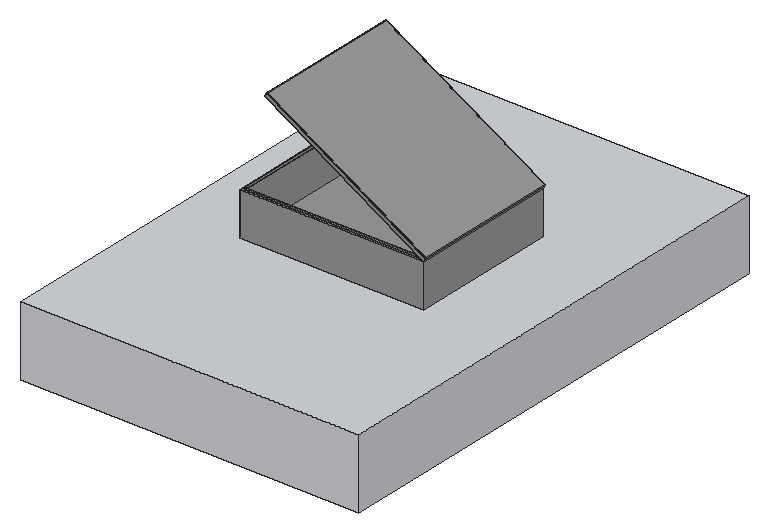
Revit family "Hager-Univers-IP44-D205-H650-Cl.II-Encl-PL-pl", category Equipement électrique, Revit 2020
Family settings
  Hôte = Face
  Configuration du panneau = Deux colonnes, circuits au sein
  Cote de connecteur circulaire = Utiliser le diamètre
  Type d'élément = Tableau de raccordement
  Couper avec des vides une fois chargée = Non
  Partagée = Non
  Point de calcul de pièce = Non
Parameters (values of type "Montaż natynkowy IP44 S800 W650 G205  - FP43SN2")
  Width Control [instance] = if([EF000008 - Szerokość] > Min Width, [EF000008 - Szerokość], Min Width)  # 800 mm
  Commentaires du type = [HG000003 - Zakres]  # "Univers"
  Thickness Door [instance] = if([EF009171 - Drzwi/pokrywa z materiału o wysokiej wytrzymałości mechanicznej] > 3 mm, 3 mm, [EF009171 - Drzwi/pokrywa z materiału o wysokiej wytrzymałości mechanicznej])  # 1 mm
  Seal Frame Offset [instance] = 17 mm  # constant formula
  Plinth Visibility [instance] = [HG000027 - Wysokość cokołu] > 0 mm  # no
  Model = ""
  Min Width [instance] = 100 mm  # constant formula
  Min Height [instance] = 100 mm  # constant formula
  Min Depth [instance] = (2 * [EF009170 - Obudowa z materiału o wysokiej wytrzymałości mechanicznej]) + 1 mm  # 3 mm
  Internal Frame Depth [instance] = (Door System Depth * 0.5)  # 9 mm
  Height Control [instance] = if([EF000040 - Wysokość] > Min Height, [EF000040 - Wysokość], Min Height)  # 650 mm
  HG000027 - Wysokość cokołu = 0 mm
  HG000026 - Stojąca = no
  HG000024 - Wysokość części dolnej = 800 mm
  HG000023 - Obudowa dwusekcyjna = no
  HG000016 - Widoczność drzwi w widoku 3D [instance] = yes
  HG000015 - Przestrzeń robocza - otwarcie drzwi [instance] = no
  HG000014 - Drzwi prawe [instance] = yes
  HG000013 - Drzwi lewe [instance] = not([HG000014 - Drzwi prawe])  # no
  HG000012 - Kąt otwarcia drzwi [instance] = 30.00°
  HG000010 - Drzwi asymetryczne = no
  HG000009 - Drzwi dwuskrzydłowe = no
  HG000006 - Montaż podtynkowy = no
  HG000004 - Referencja producenta = "FP43SN2"
  HG000003 - Zakres = "Univers"
  HG000002 - Z drzwiami lub pokrywą = yes
  Frame Offset Bottom [instance] = 10 mm  # constant formula
  Frame Offset [instance] = 15 mm  # constant formula
  EF015940 - Pokrywa z wyzwalaczem nadciśnieniowym = no
  EF011959 - Stopień ochrony (NEMA) = ""
  EF009554 - Liczba otworów pod flansze = 6
  Fabricant = "Hager"  # constant formula
  EF009212 - Wykonanie pokrywy = "EV000116 - Zamknięty"
  EF009171 - Drzwi/pokrywa z materiału o wysokiej wytrzymałości mechanicznej = 1 mm
  EF009170 - Obudowa z materiału o wysokiej wytrzymałości mechanicznej = 1 mm
  EF008873 - Prąd znamionowy (In) = 250 A
  EF007800 - Do ochrony odgromowej = no
  EF006306 - Z zamkiem = no
  EF006244 - Transparentna pokrywa/drzwi = no
  EF005474 - Stopień ochrony (IP) = "EV006418 - IP44"
  EF004464 - Rodzaj drzwi = "EV002646 - Pojedynczy"
  EF004427 - Liczba modułów = 144
  EF004293 - Odporność udarowa = "EV006815 - IK09"
  EF003532 - Do zastosowań zewnętrznych = no
  EF002950 - Szerokość wyrażona liczbą modułów = 36
  EF001613 - Podtrzymanie funkcji = "EV000494 - Brak"
  EF001596 - Materiał obudowy = "EV000179 - Stal"
  EF001131 - Głębokość wewnętrzna = 143 mm
  EF001088 - Możliwość rozbudowy = yes
  EF000437 - Liczba wejść kablowych = 6
  EF000339 - Rodzaj pokrywy = "EV001012 - Pokrywa"
  EF000266 - Liczba rzędów = 4
  EF000218 - Głębokość wbudowania = 205 mm
  EF000118 - Z płytą montażową = no
  EF000116 - Numer RAL = "9010"
  EF000049 - Głębokość = 205 mm
  EF000040 - Wysokość = 650 mm
  EF000008 - Szerokość = 800 mm
  EF000007 - Kolor = "EV000202 - Biały"
  EF000003 - Sposób montażu = "EV000384 - Montaż natynkowy"
  Door System Leaf Tolerance [instance] = 1.5 mm  # constant formula
  Door System Depth [instance] = 18 mm  # constant formula
  Door Height [instance] = Height Control - [HG000027 - Wysokość cokołu]  # 650 mm
  Depth Control [instance] = if([EF000049 - Głębokość] > Min Depth, [EF000049 - Głębokość], Min Depth)  # 205 mm
  Default Elevation = 0 mm
  Connector Offset [instance] = Height Control / 2  # 325 mm
  Bottom Top Plate Trim [instance] = 1.5 mm  # constant formula
  Plinth height Ctrl [instance] = if([HG000027 - Wysokość cokołu] > 0 mm, [HG000027 - Wysokość cokołu], 12 mm)  # 12 mm
Types (5, lengths in mm): name | Width Control | HG000010 - Drzwi asymetryczne | HG000009 - Drzwi dwuskrzydłowe | HG000004 - Referencja producenta | EF009554 - Liczba otworów pod flansze | EF004464 - Rodzaj drzwi | EF004427 - Liczba modułów | EF002950 - Szerokość wyrażona liczbą modułów | EF000437 - Liczba wejść kablowych | EF000008 - Szerokość
  Montaż natynkowy IP44 S1050 W650 G205  - FP44SN2 | 1050 | no | yes | "FP44SN2" | 8 | "EV003602 - Podwójny" | 192 | 48 | 8 | 1050
  Montaż natynkowy IP44 S1300 W650 G205  - FP45SN2 | 1300 | yes | yes | "FP45SN2" | 10 | "EV003602 - Podwójny" | 240 | 60 | 10 | 1300
  Montaż natynkowy IP44 S300 W650 G205  - FP41SN2 | 300 | no | no | "FP41SN2" | 2 | "EV002646 - Pojedynczy" | 48 | 12 | 2 | 300
  Montaż natynkowy IP44 S550 W650 G205  - FP42SN2 | 550 | no | no | "FP42SN2" | 4 | "EV002646 - Pojedynczy" | 96 | 24 | 4 | 550
  Montaż natynkowy IP44 S800 W650 G205  - FP43SN2 | 800 | no | no | "FP43SN2" | 6 | "EV002646 - Pojedynczy" | 144 | 36 | 6 | 800
Reference planes
  plane 1 "Center (Front/Back)": y = 0
  plane 2: z = 0
  plane 3 "Center (Left/Right)": x = 0
  plane 4: z = 205
  plane 5: y = 1
  plane 6: y = 325
  plane 7: y = 0
  plane 8: y = 650
  plane 9: z = 0
  plane 10: x = -385
  plane 11: x = 385
  plane 12: x = 384
  plane 13: x = -384
  plane 14: y = 649
  plane 15: x = -383
  plane 16: x = -400
  plane 17: x = 383
  plane 18: x = 400
  plane 19: x = 399
  plane 20: x = -399
  plane 21: y = 11
  plane 22: y = 650
  plane 23: y = 634
  plane 24: z = 187
  plane 25: z = 1
  plane 26: z = 186
  plane 27: z = 204
Forms (mm)
  Extrusion 1, solid
    sketch origin (0, 0, 0) x (1, 0, 0) y (0, 1, 0)
      loop
        line (-702.964, 1305) -> (-702.964, -811.445) -> (766.763, -811.445) -> (766.763, 1305) -> (-702.964, 1305)
    from 0 to -304.8
  Extrusion 2, solid, material "Hager_Steel_RAL7035_Light_Grey", visible <- "Plinth Visibility", detail levels medium+fine
    sketch origin (0, 0, 0) x (1, 0, 0) y (0, 1, 0)
      loop
        line (-400, 0) -> (400, 0) -> (400, 12) -> (-400, 12) -> (-400, 0)
    from 0 to 187
  Extrusion 3, solid, material "Hager_Steel_RAL7035_Light_Grey", detail levels medium+fine
    sketch origin (0, 0, 0) x (1, 0, 0) y (0, 1, 0)
      loop
        line (-400, 0) -> (400, 0) -> (400, 650) -> (-400, 650) -> (-400, 0)
    from 0 to 187
  Extrusion 4, void
    sketch origin (0, 0, 0) x (1, 0, 0) y (0, 1, 0)
      loop
        line (-399, 1) -> (399, 1) -> (399, 649) -> (-399, 649) -> (-399, 1)
    from 1 to 186
  Extrusion 5, void
    sketch origin (-381.607, -4572, 187) x (0, -1, 0) y (-1, 0, 0)
      loop
        line (-4583, 2.393) -> (-5206, 2.393) -> (-5206, -765.607) -> (-4583, -765.607) -> (-4583, 2.393)
    from 0 to 1 <- "EF009170 - Obudowa z materiału o wysokiej wytrzymałości mechanicznej"
  Extrusion 6, solid, material "Hager_Steel_RAL7035_Light_Grey", detail levels fine
    sketch origin (0, 0, 187) x (1, 0, 0) y (0, 1, 0)
      loop
        line (-384, 634) -> (-384, 11) -> (384, 11) -> (384, 634) -> (-384, 634)
      loop
        line (-385, 10) -> (385, 10) -> (385, 635) -> (-385, 635) -> (-385, 10)
    from 0 to 9 <- "Internal Frame Depth"
  Extrusion 7, solid, material "Hager_Steel_RAL7035_Light_Grey", detail levels coarse
    sketch origin (0, 0, 0) x (1, 0, 0) y (0, 1, 0)
      loop
        line (-400, 0) -> (400, 0) -> (400, 650) -> (-400, 650) -> (-400, 0)
    from 0 to 205
  Sweep 8, void
    path in 3D
      loop
        line (-400, 12, 0) -> (400, 12, 0) -> (400, 12, 187) -> (-400, 12, 187) -> (-400, 12, 0)
    profile origin (-400, 12, 93.5) x (-1, 0, 0) y (0, -1, 0)
      loop
        line (0, 0) -> (0, 1.5) -> (-1.5, 1.5)
        arc (-1.5, 1.5) -> (-1.061, 0.439) -> (0, 0) r 1.5
Cuts and joins
  Extrusion 4, Extrusion 5 cuts Extrusion 3
  Sweep 8 cuts Extrusion 2
Lines and regions (mm)
  Masking region 1
    outline origin (0, 0, 0) x (1, 0, 0) y (0, 0, 1)
      loop
        line (-400, 205) -> (-400, 0) -> (400, 0) -> (400, 205) -> (-400, 205)
  Masking region 2, detail levels medium+fine
    outline origin (0, 140, 0) x (0, 1, 0) y (0, 0, 1)
      loop
        line (-140, 0) -> (510, 0) -> (510, 187) -> (-140, 187) -> (-140, 0)
  Masking region 3, not visible, detail levels medium+fine
    outline origin (0, 297.922, 0) x (0, 1, 0) y (0, 0, 1)
      loop
        line (38.578, 0) -> (78.578, 0) -> (78.578, 194)
        arc (78.578, 194) -> (75.649, 201.071) -> (68.578, 204) r 10
        line (68.578, 204) -> (38.578, 204) -> (38.578, 0)
  Masking region 4, detail levels coarse
    outline origin (0, 0, 180) x (0, 1, 0) y (0, 0, 1)
      loop
        line (0, -180) -> (650, -180) -> (650, 25) -> (0, 25) -> (0, -180)
  Masking region 5, visible <- "Plinth Visibility", detail levels medium+fine
    outline origin (0, 52.24, 12.345) x (0, 0, -1) y (0, 1, 0)
      loop
        line (10.845, -40.24) -> (-173.155, -40.24)
        arc (-173.155, -40.24) -> (-173.594, -41.301) -> (-174.655, -41.74) r 1.5
        line (-174.655, -41.74) -> (-174.655, -52.24) -> (12.345, -52.24) -> (12.345, -41.74)
        arc (12.345, -41.74) -> (11.285, -41.301) -> (10.845, -40.24) r 1.5
  Masking region 6, detail levels medium+fine
    outline origin (-381.607, -4572, 187) x (-1, 0, 0) y (0, -1, 0)
      loop
        line (18.393, -5222) -> (18.393, -4572) -> (-781.607, -4572) -> (-781.607, -5222) -> (18.393, -5222)
  Masking region 7, visible <- "Plinth Visibility", detail levels medium+fine
    outline origin (-381.607, -4727, 187) x (-1, 0, 0) y (0, -1, 0)
      loop
        arc (16.893, -4739) -> (17.332, -4737.939) -> (18.393, -4737.5) r 1.5
        line (18.393, -4737.5) -> (18.393, -4727) -> (-781.607, -4727) -> (-781.607, -4737.5)
        arc (-781.607, -4737.5) -> (-780.546, -4737.939) -> (-780.107, -4739) r 1.5
        line (-780.107, -4739) -> (16.893, -4739)
  Masking region 8, detail levels coarse
    outline origin (-442.548, -4669.526, 187) x (-1, 0, 0) y (0, -1, 0)
      loop
        line (-42.548, -5319.526) -> (-42.548, -4669.526) -> (-842.548, -4669.526) -> (-842.548, -5319.526) -> (-42.548, -5319.526)
  sketch lines
    curve 1: line (-400, 12, 187) -> (-400, 12, 0)
    curve 2: line (400, 12, 187) -> (-400, 12, 187)
    curve 3: line (400, 12, 187) -> (400, 12, 0)
    curve 4: line (-400, 12, 0) -> (400, 12, 0)
Dimensions and locks
  "Depth Control": plane 4 to Extrusion 1
  "HG000027 - Wysokość cokołu": plane 1 "Center (Front/Back)" to plane 7
  "EF009170 - Obudowa z materiału o wysokiej wytrzymałości mechanicznej": plane 5 to plane 7
  locked: connector elem to plane 3 "Center (Left/Right)"
  equal spacing: plane 8, plane 6, plane 7
  locked: connector elem to plane 6
  "EF009170 - Obudowa z materiału o wysokiej wytrzymałości mechanicznej": plane 8 to plane 14
  "EF009170 - Obudowa z materiału o wysokiej wytrzymałości mechanicznej": plane 10 to plane 13
  "EF009170 - Obudowa z materiału o wysokiej wytrzymałości mechanicznej": plane 12 to plane 11
  "Frame Offset": plane 20 to plane 13
  "Frame Offset": plane 12 to plane 19
  "EF009170 - Obudowa z materiału o wysokiej wytrzymałości mechanicznej": plane 16 to plane 20
  "EF009170 - Obudowa z materiału o wysokiej wytrzymałości mechanicznej": plane 19 to plane 18
  "Seal Frame Offset": plane 16 to plane 15
  "Seal Frame Offset": plane 17 to plane 18
  "Frame Offset Bottom": plane 21 to plane 5
  "Frame Offset": plane 14 to plane 23
  equal spacing: plane 16, plane 3 "Center (Left/Right)", plane 18
  "Width Control": plane 16 to plane 18
  "EF009170 - Obudowa z materiału o wysokiej wytrzymałości mechanicznej": plane 4 to plane 27
  "EF009170 - Obudowa z materiału o wysokiej wytrzymałości mechanicznej": plane 24 to plane 26
  "EF009170 - Obudowa z materiału o wysokiej wytrzymałości mechanicznej": plane 25 to level
  "Door System Depth": plane 4 to plane 24
  "Height Control": plane 1 "Center (Front/Back)" to Extrusion 7 sketch curve
  "Height Control": Masking region 4 sketch curve to plane 1 "Center (Front/Back)"
  "Height Control": plane 1 "Center (Front/Back)" to plane 22
  "Bottom Top Plate Trim": profile plane to Sweep 8 sketch curve
  "Bottom Top Plate Trim": Sweep 8 sketch curve to profile plane
  "Plinth height Ctrl": plane 1 "Center (Front/Back)" to Extrusion 2 sketch curve
  "Plinth height Ctrl": Masking region 5 sketch curve to plane 1 "Center (Front/Back)"
  "Plinth height Ctrl": plane 1 "Center (Front/Back)" to Masking region 7 sketch curve
  "Thickness Door": Extrusion 6 sketch curve to Extrusion 6 sketch curve  (x3)
  "Thickness Door": cut or joined group of Extrusion 3, Extrusion 4, Extrusion 5 to Extrusion 6 sketch curve
  radius of Masking region 3 sketch curve = 10 mm
  "Bottom Top Plate Trim": radius of Masking region 5 sketch curve  (x2)
  "Bottom Top Plate Trim": radius of Sweep 8 sketch curve
  "Bottom Top Plate Trim": radius of Masking region 7 sketch curve  (x2)
  aligned and locked: plane 2 to Extrusion 1
  aligned and locked: level to Extrusion 1
  aligned and locked: level to Masking region 1 sketch curve
  aligned and locked: Masking region 1 sketch curve to plane 18
  aligned and locked: Masking region 1 sketch curve to plane 16
  aligned and locked: plane 7 to Masking region 2 sketch curve
  aligned and locked: level to Masking region 3 sketch curve
  aligned and locked: Masking region 3 sketch curve to plane 27
  aligned and locked: level to Masking region 2 sketch curve
  aligned and locked: plane 1 "Center (Front/Back)" to Extrusion 2 sketch curve
  aligned and locked: Extrusion 3 sketch curve to plane 7
  aligned and locked: plane 16 to Extrusion 3 sketch curve
  aligned and locked: plane 18 to Extrusion 3 sketch curve
  aligned and locked: plane 20 to Extrusion 4 sketch curve
  aligned and locked: plane 19 to Extrusion 4 sketch curve
  aligned and locked: Extrusion 4 sketch curve to plane 5
  aligned and locked: Extrusion 4 to plane 25
  aligned and locked: plane 26 to Extrusion 4
  aligned and locked: plane 24 to Extrusion 3
  aligned and locked: Extrusion 5 sketch curve to plane 21
  aligned and locked: Extrusion 5 sketch curve to plane 13
  aligned and locked: Extrusion 5 sketch curve to plane 12
  aligned and locked: plane 18 to Extrusion 7 sketch curve
  aligned and locked: plane 1 "Center (Front/Back)" to Extrusion 7 sketch curve
  aligned and locked: plane 16 to Extrusion 7 sketch curve
  aligned and locked: plane 4 to Extrusion 7
  aligned and locked: Extrusion 7 to level
  aligned and locked: level to Masking region 4 sketch curve
  aligned and locked: Masking region 4 sketch curve to plane 1 "Center (Front/Back)"
  aligned and locked: Masking region 4 sketch curve to plane 4
  aligned and locked: nested 1 to level
  aligned and locked: nested 1 to plane 16
  aligned and locked: plane 8 to Extrusion 3 sketch curve
  aligned and locked: plane 23 to Extrusion 5 sketch curve
  aligned and locked: plane 14 to Extrusion 4 sketch curve
  aligned and locked: Masking region 2 sketch curve to plane 8
  aligned and locked: level to Masking region 5 sketch curve
  aligned and locked: plane 16 to Extrusion 2 sketch curve
  aligned and locked: plane 18 to Extrusion 2 sketch curve
  aligned and locked: Masking region 5 sketch curve to plane 24
  aligned and locked: Masking region 2 sketch curve to plane 24
  aligned and locked: plane 24 to Extrusion 2
  aligned and locked: profile plane to Sweep 8 sketch curve  (x2)
  aligned and locked: Masking region 6 sketch curve to plane 18
  aligned and locked: Masking region 6 sketch curve to plane 22
  aligned and locked: Masking region 6 sketch curve to plane 16
  aligned and locked: plane 8 to plane 22
  aligned and locked: Masking region 6 sketch curve to plane 7
  aligned and locked: Masking region 7 sketch curve to plane 16
  aligned and locked: Masking region 7 sketch curve to plane 1 "Center (Front/Back)"
  aligned and locked: Masking region 7 sketch curve to plane 18
  aligned and locked: Masking region 8 sketch curve to plane 1 "Center (Front/Back)"
  aligned and locked: Masking region 8 sketch curve to plane 18
  aligned and locked: Masking region 8 sketch curve to plane 22
  aligned and locked: Masking region 8 sketch curve to plane 16
  aligned and locked: nested 2 to plane 7
  aligned and locked: plane 3 "Center (Left/Right)" to nested 2
  aligned and locked: nested 2 to plane 24
  aligned and locked: Extrusion 6 sketch curve to cut or joined group of Extrusion 3, Extrusion 4, Extrusion 5  (x4)
Automatic sketch dimensions
  Extrusion 1 sketch curve to Extrusion 1 sketch curve = 1469.727 mm
  Extrusion 1 sketch curve to Extrusion 1 sketch curve = 2116.445 mm
  Masking region 1 sketch curve to plane 4 = 0 mm
  plane 6 to Masking region 3 sketch curve = 11.5 mm
  Masking region 3 sketch curve to Masking region 3 sketch curve = 30 mm
  Masking region 5 sketch curve to plane 1 "Center (Front/Back)" = 0 mm
Nested families
  nested 1: "Hager_Enclosure_Symbol" at (-400, 0, 0) x (1, 0, 0) z (0, -1, 0), Height <- "Depth Control", Width <- "Width Control", type "Hager_Enclosure_Symbol"
    with Width_Ctrl 800 mm, Width 800 mm, Height_Ctrl 205 mm, Height 205 mm, A_Width_Int 13.453 mm, A_Width 161.438 mm, A_Height_Ctrl 179.375 mm, A_Height 179.375 mm
  nested 2: "EC000058_Univers_Door" at (0, 0, 187) x (1, 0, 0) z (0, 1, 0), Leaf_Tolerance <- "Door System Leaf Tolerance", Angle <- "HG000012 - Kąt otwarcia drzwi", Door_Depth <- "Door System Depth", Door_Left <- "HG000013 - Drzwi lewe", Transparent <- "EF006244 - Transparentna pokrywa/drzwi", Assymetrical <- "HG000010 - Drzwi asymetryczne", Width <- "Width Control", Clearance <- "HG000015 - Przestrzeń robocza - otwarcie drzwi", Double <- "HG000009 - Drzwi dwuskrzydłowe", 3d_Door <- "HG000016 - Widoczność drzwi w widoku 3D", Lock_Visibility <- "EF006306 - Z zamkiem", Width_Ctrl <- "Width Control", Door_Right <- "HG000014 - Drzwi prawe", Door <- "HG000002 - Z drzwiami lub pokrywą", Height <- "Door Height", Thickness <- "Thickness Door", type "EC000058_Univers_Door", detail levels medium+fine
    with min_wh 3 mm, Width_Ctrl 800 mm, Width 800 mm, Transparent no, Thickness 1 mm, Seal_Material Hager_Rubber, Lock_Visibility no, Lock_Material Hager_Plastic_RAL9005_Jet_Black, Leaf_Width 800 mm, Leaf_Tolerance_External_Sides 0 mm, Leaf_Tolerance 1.5 mm, Leaf_Offset 0 mm, Leaf_Height 647 mm, Leaf_2_Width 800 mm, Leaf_2_Offset 400 mm, Leaf_1_Width 800 mm, Leaf_1_Offset 400 mm, Height_Ctrl 650 mm, Height 650 mm, Glass_Material Hager_Glass, Double_Clearance_Ctrl no, Double no, Door_Right_Ctrl yes, Door_Right yes, Door_Material Hager_Steel_RAL7035_Light_Grey, Door_Left_Ctrl no, Door_Left no, Door_Depth 18 mm, Door yes, Clearance_Material Hager_Clearance, Clearance_Depth 800 mm, Clearance_Ctrl no, Clearance no, Assymetrical no, Angle 30.00°, 3d_Door yes
Connectors
  electrical at (0, 325, 0)
    settings: on plane 9, index 1, voltage 0 V, apparent load 0 VA, apparent load phase1 0 VA, apparent load phase2 0 VA, apparent load phase3 0 VA, power factor 1, load classification "Other", number of poles 1, system type 30, power factor state 1, is connector primary yes, connector utility no, sub classification motor no, connector description ""
Definition of nested family "EC000058_Univers_Door"
  Parameters (values of type "EC000058_Univers_Door")
    min_wh [instance] = (2 * Thickness) + 1 mm  # 11 mm
    Width_Ctrl [instance] = 400 mm
    Width [instance] = 500 mm
    Transparent [instance] = yes
    Thickness [instance] = 5 mm
    Seal_Material [instance] = none
    Lock_Visibility [instance] = yes
    Lock_Material [instance] = none
    Leaf_Width [instance] = if((Width_Ctrl - 2 * Leaf_Tolerance_External_Sides) > 0 mm, (Width_Ctrl - 2 * Leaf_Tolerance_External_Sides), min_wh)  # 400 mm
    Leaf_Tolerance_External_Sides [instance] = 0 mm  # constant formula
    Leaf_Tolerance [instance] = 1.5 mm
    Leaf_Offset [instance] = 0 mm  # constant formula
    Leaf_Height [instance] = if((Height_Ctrl - 2 * Leaf_Tolerance) > 0 mm, (Height_Ctrl - 2 * Leaf_Tolerance), min_wh)  # 497 mm
    Leaf_2_Width [instance] = if(and(and(Double, Assymetrical), Door_Left), (Leaf_Width / 3) - (Leaf_Tolerance / 2), if(and(and(Double, Assymetrical), Door_Right), (Leaf_Width / 3) * 2 - (Leaf_Tolerance / 2), if(and(Double, not(Assymetrical)), (Leaf_Width / 2) - Leaf_Tolerance, Leaf_Width)))  # 400 mm
    Leaf_2_Offset [instance] = if(and(Double, Assymetrical), Leaf_2_Width / 2, if(and(Double, not(Assymetrical)), Leaf_Width / 4, Leaf_Width / 2))  # 200 mm
    Leaf_1_Width [instance] = if(and(and(Double, Assymetrical), Door_Right), (Leaf_Width / 3) - (Leaf_Tolerance / 2), if(and(and(Double, Assymetrical), Door_Left), (Width / 3) * 2 - (Leaf_Tolerance / 2), if(and(Double, not(Assymetrical)), (Leaf_Width / 2) - Leaf_Tolerance, Leaf_Width)))  # 400 mm
    Leaf_1_Offset [instance] = if(and(Double, Assymetrical), Leaf_1_Width / 2, if(and(Double, not(Assymetrical)), Leaf_Width / 4, Leaf_Width / 2))  # 200 mm
    Height_Ctrl [instance] = if(Height > min_wh, Height, min_wh)  # 500 mm
    Height [instance] = 500 mm
    Glass_Material [instance] = none
    Double_Clearance_Ctrl [instance] = and(Double, Clearance)  # no
    Double [instance] = no
    Door_Right_Ctrl [instance] = and(or(Door_Right, Double), Door)  # yes
    Door_Right [instance] = yes
    Door_Material [instance] = none
    Door_Left_Ctrl [instance] = and(or(Door_Left, Double), Door)  # no
    Door_Left [instance] = no
    Door_Depth [instance] = 30 mm
    Door [instance] = yes
    Default Elevation = 1219.2 mm
    Clearance_Material [instance] = none
    Clearance_Depth [instance] = if(Leaf_1_Width > Leaf_2_Width, Leaf_1_Width, Leaf_2_Width)  # 400 mm
    Clearance_Ctrl [instance] = and(not(Double), Clearance)  # yes
    Clearance [instance] = yes
    Assymetrical [instance] = yes
    Angle [instance] = 30.00°
    3d_Door [instance] = yes
  Reference planes
    plane 1 "Center (Front/Back)": y = 0
    plane 2 "Bottom": z = 0
    plane 3 "Center (Left/Right)": x = 0
    plane 4: z = 500
    plane 5: x = -200
    plane 6: x = 200
    plane 7: z = 500
    plane 8: x = -200
    plane 9: z = 0
    plane 10: x = 200
    plane 11: y = 0
    plane 12: z = 1.5
    plane 13: x = -600
    plane 14: y = -400
    plane 15: x = 600
    plane 16: x = 0
    plane 17: x = 0
    plane 18: x = -200
    plane 19: x = 200
    plane 20: z = 498.5
  Forms (mm)
    Extrusion 1, solid, material <- "Clearance_Material", visible <- "Double_Clearance_Ctrl"
      sketch origin (1200, 0, 0) x (1, 0, 0) y (0, 0, -1)
        loop
          line (-1800, -498.5) -> (-600, -498.5) -> (-600, 0) -> (-1800, 0) -> (-1800, -498.5)
      from 0 to -400
  Dimensions and locks
    equal spacing: plane 5, plane 3 "Center (Left/Right)", plane 6
    "Width_Ctrl": plane 5 to plane 6
    "Leaf_Offset": plane 5 to plane 8
    "Leaf_Offset": plane 6 to plane 10
    "Leaf_Offset": plane 9 to level
    "Leaf_Offset": plane 4 to plane 7
    "Height_Ctrl": plane 4 to level
    "Leaf_Tolerance": plane 12 to plane 9
    locked: plane 11 to plane 1 "Center (Front/Back)"
    "Leaf_1_Offset": plane 18 to plane 16
    "Leaf_2_Offset": plane 17 to plane 19
    "Leaf_1_Width": plane 13 to plane 8
    "Leaf_2_Width": plane 10 to plane 15
    "Clearance_Depth": plane 14 to plane 1 "Center (Front/Back)"
    "Leaf_Tolerance_External_Sides": plane 8 to plane 18
    "Leaf_Tolerance_External_Sides": plane 19 to plane 10
    "Leaf_Tolerance": plane 7 to plane 20
    aligned and locked: level to plane 2 "Bottom"
    aligned and locked: nested 1 to plane 16
    aligned and locked: nested 2 to plane 17
    aligned and locked: Extrusion 1 to plane 13
    aligned and locked: plane 15 to Extrusion 1
    aligned and locked: Extrusion 1 to plane 14
    aligned and locked: plane 12 to nested 1
    aligned and locked: nested 2 to plane 12
    aligned and locked: Extrusion 1 to plane 11
    aligned and locked: plane 20 to Extrusion 1
    aligned and locked: nested 2 to plane 11
    aligned and locked: nested 1 to plane 11
  Automatic sketch dimensions
    Extrusion 1 sketch curve to level = 0 mm
    plane 5 to Extrusion 1 sketch curve = 400 mm
    plane 6 to Extrusion 1 sketch curve = 400 mm
    Extrusion 1 sketch curve to plane 4 = 1.5 mm
  Nested families
    nested 1: "EC000058_Univers_Door_Leaf" at (0, 0, 1.5), Width <- "Leaf_1_Width", visible <- "Door_Left_Ctrl", Leaf_Height <- "Leaf_Height", Angle <- "Angle", 3d_Door <- "3d_Door", Transparent <- "Transparent", Clearance Material <- "Clearance_Material", Clearance <- "Clearance_Ctrl", Door_Material <- "Door_Material", Glass_Material <- "Glass_Material", Door_Depth <- "Door_Depth", Lock_Material <- "Lock_Material", Seal_Material <- "Seal_Material", Lock_Visibility <- "Lock_Visibility", Thickness <- "Thickness", type "EC000058_Univers_Door_Leaf"
      with Width 400 mm, Transparent_Glass_Offset 30 mm, Transparent_Ctrl yes, Transparent yes, Thickness 5 mm, Standard no, Seal_Material none, Seal_D2 8 mm, Seal_D1 1 mm, Offset_Internal_Frame 10 mm, Lock_Width 20 mm, Lock_Visibility_3d yes, Lock_Visibility yes, Lock_Thickness_3 3 mm, Lock_Thickness_2 1 mm, Lock_Thickness_1 3 mm, Lock_Radius_Offset_2 16 mm, Lock_Radius_Offset_1 15 mm, Lock_Radius_2 5 mm, Lock_Radius 6 mm, Lock_Offset 5 mm, Lock_Material none, Lock_Height 80 mm, Lock_Cover_Top_Offset_2d 17 mm, Lock_Cover_Height -65 mm, Leaf_Height 497 mm, Internal_Seal_Thickness 8 mm, Internal_Seal_Depth_2 4.5 mm, Internal_Frame_Depth 25 mm, Glass_Thickness -1 mm, Glass_Offset -2 mm, Glass_Material none, Door_Material none, Door_Depth 30 mm, Clearance Material none, Clearance yes, Angle_Ctrl 30.00°, Angle 30.00°, 3d_Door yes
    nested 2: "EC000058_Univers_Door_Leaf" at (0, 0, 1.5) x (-1, 0, 0) z (0, 0, 1), Width <- "Leaf_2_Width", visible <- "Door_Right_Ctrl", Leaf_Height <- "Leaf_Height", Angle <- "Angle", 3d_Door <- "3d_Door", Transparent <- "Transparent", Clearance Material <- "Clearance_Material", Clearance <- "Clearance_Ctrl", Door_Material <- "Door_Material", Glass_Material <- "Glass_Material", Door_Depth <- "Door_Depth", Lock_Material <- "Lock_Material", Seal_Material <- "Seal_Material", Lock_Visibility <- "Lock_Visibility", Thickness <- "Thickness", type "EC000058_Univers_Door_Leaf"
      with Width 400 mm, Transparent_Glass_Offset 30 mm, Transparent_Ctrl yes, Transparent yes, Thickness 5 mm, Standard no, Seal_Material none, Seal_D2 8 mm, Seal_D1 1 mm, Offset_Internal_Frame 10 mm, Lock_Width 20 mm, Lock_Visibility_3d yes, Lock_Visibility yes, Lock_Thickness_3 3 mm, Lock_Thickness_2 1 mm, Lock_Thickness_1 3 mm, Lock_Radius_Offset_2 16 mm, Lock_Radius_Offset_1 15 mm, Lock_Radius_2 5 mm, Lock_Radius 6 mm, Lock_Offset 5 mm, Lock_Material none, Lock_Height 80 mm, Lock_Cover_Top_Offset_2d 17 mm, Lock_Cover_Height -65 mm, Leaf_Height 497 mm, Internal_Seal_Thickness 8 mm, Internal_Seal_Depth_2 4.5 mm, Internal_Frame_Depth 25 mm, Glass_Thickness -1 mm, Glass_Offset -2 mm, Glass_Material none, Door_Material none, Door_Depth 30 mm, Clearance Material none, Clearance yes, Angle_Ctrl 30.00°, Angle 30.00°, 3d_Door yes
  Definition of nested family "EC000058_Univers_Door_Leaf"
    Parameters (values of type "EC000058_Univers_Door_Leaf")
      Width [instance] = 2000 mm
      Transparent_Glass_Offset [instance] = 30 mm
      Transparent_Ctrl [instance] = and(Transparent, [3d_Door])  # yes
      Transparent [instance] = yes
      Thickness [instance] = 5 mm
      Standard [instance] = and(not(Transparent), [3d_Door])  # no
      Seal_Material [instance] = none
      Seal_D2 [instance] = 8 mm  # constant formula
      Seal_D1 [instance] = 1 mm  # constant formula
      Offset_Internal_Frame [instance] = 10 mm  # constant formula
      Lock_Width [instance] = 20 mm  # constant formula
      Lock_Visibility_3d [instance] = and(Lock_Visibility, [3d_Door])  # yes
      Lock_Visibility [instance] = yes
      Lock_Thickness_3 [instance] = 3 mm  # constant formula
      Lock_Thickness_2 [instance] = 1 mm  # constant formula
      Lock_Thickness_1 [instance] = 3 mm  # constant formula
      Lock_Radius_Offset_2 [instance] = Lock_Radius_Offset_1 + 1 mm  # 16 mm
      Lock_Radius_Offset_1 [instance] = 15 mm  # constant formula
      Lock_Radius_2 [instance] = Lock_Radius - 1 mm  # 5 mm
      Lock_Radius [instance] = 6 mm  # constant formula
      Lock_Offset [instance] = 5 mm  # constant formula
      Lock_Material [instance] = none
      Lock_Height [instance] = 80 mm  # constant formula
      Lock_Cover_Top_Offset_2d [instance] = Lock_Radius_Offset_2 + 1 mm  # 17 mm
      Lock_Cover_Height [instance] = -(Lock_Height - Lock_Radius_Offset_1)  # -65 mm
      Leaf_Height [instance] = 2720.336 mm
      Internal_Seal_Thickness [instance] = 8 mm  # constant formula
      Internal_Seal_Depth_2 [instance] = 4.5 mm  # constant formula
      Internal_Frame_Depth [instance] = if(Door_Depth - Thickness > 5 mm, Door_Depth - Thickness, 5 mm)  # 25 mm
      Glass_Thickness [instance] = if(Thickness > 15 mm, Glass_Offset + 10 mm, -1 mm)  # -1 mm
      Glass_Offset [instance] = if(Thickness > 15 mm, -(Thickness + 10 mm) / 2, -2 mm)  # -2 mm
      Glass_Material [instance] = none
      Door_Material [instance] = none
      Door_Depth [instance] = 30 mm
      Default Elevation = 0 mm
      Clearance Material [instance] = none
      Clearance [instance] = yes
      Angle_Ctrl [instance] = if(Angle > 180.00°, 180.00°, Angle)  # 90.00°
      Angle [instance] = 90.00°
      3d_Door [instance] = yes
    Reference planes
      plane 1 "Center (Front/Back)": y = 0
      plane 2: z = 0
      plane 3 "Center (Left/Right)": x = 0
      plane 4: y = 2000
      plane 5: x = -1000
      plane 6: x = 1000
      plane 7: x = -3000
      plane 8: z = 2720.336
      plane 9: z = 30
      plane 10: z = 2690.336
      plane 11: x = 970
      plane 12: x = -970
      plane 13: y = -3
      plane 14: z = 107.833
      plane 15: y = -5
      plane 16: y = -223.314
      plane 17: x = -1000
      plane 18: z = 1360.168
      plane 19: y = 30
    Forms (mm)
      Extrusion 1, solid, material <- "Clearance Material", visible <- "Clearance"
        sketch origin (0, 0, 0) x (1, 0, 0) y (0, 0, 1)
          loop
            line (-3000, 2720.336) -> (-3000, 0) -> (1000, 0) -> (1000, 2720.336) -> (-3000, 2720.336)
        from 0 to -2000
      Extrusion 2, solid, material <- "Door_Material", visible <- "Standard", detail levels medium+fine
        sketch origin (-1000, 0, 0) x (0, 1, 0) y (-1, 0, 0)
          loop
            line (0, 30) -> (0, 25) -> (2000, 25) -> (2000, 30) -> (0, 30)
        from 0 to 2720.336 <- "Leaf_Height"
      Extrusion 3, solid, material <- "Door_Material", visible <- "Transparent_Ctrl", detail levels medium+fine
        sketch origin (-1000, 0, 0) x (0, 1, 0) y (-1, 0, 0)
          loop
            line (0, 25) -> (2000, 25) -> (2000, 30) -> (0, 30) -> (0, 25)
        from 0 to 2720.336 <- "Leaf_Height"
      Extrusion 4, void
        sketch origin (-1025, 2000, 0) x (0, 1, 0) y (0, 0, -1)
          loop
            line (-30, -2690.336) -> (-30, -30) -> (-1970, -30) -> (-1970, -2690.336) -> (-30, -2690.336)
        from 0 to 5 <- "Thickness"
      Sweep 5, solid, material <- "Seal_Material", visible <- "Transparent_Ctrl", detail levels fine
        path in 3D
          loop
            line (-1025, 30, 30) -> (-1025, 30, 2690.336) -> (-1025, 1970, 2690.336) -> (-1025, 1970, 30) -> (-1025, 30, 30)
        profile origin (-1025, 1000, 30) x (1, 0, 0) y (0, 0, 1)
          loop
            line (0, 0) -> (0, -8) -> (1, -8) -> (1, 0) -> (0, 0)
      Extrusion 6, solid, material <- "Glass_Material", visible <- "Transparent_Ctrl", detail levels medium+fine
        sketch origin (-1030, 0, 0) x (0, 1, 0) y (0, 0, -1)
          loop
            line (1970, -2690.336) -> (1970, -30) -> (30, -30) -> (30, -2690.336) -> (1970, -2690.336)
        from -2 <- "Glass_Offset" to -1 <- "Glass_Thickness"
      Extrusion 7, solid, material <- "Door_Material", visible <- "3d_Door", detail levels medium+fine
        sketch origin (-1025, 2000, 0) x (0, -1, 0) y (0, 0, -1)
          loop
            line (0, -2720.336) -> (2000, -2720.336) -> (2000, 0) -> (0, 0) -> (0, -2720.336)
          loop
            line (1995, -5) -> (5, -5) -> (5, -2715.336) -> (1995, -2715.336) -> (1995, -5)
        from 0 to 25 <- "Internal_Frame_Depth"
      Sweep 8, solid, material <- "Seal_Material", visible <- "Transparent_Ctrl", detail levels fine
        path in 3D
          loop
            line (-1025, 0, 0) -> (-1025, 2000, 0) -> (-1025, 2000, 2720.336) -> (-1025, 0, 2720.336) -> (-1025, 0, 0)
        profile origin (-1025, 0, 1360.168) x (1, 0, 0) y (0, 1, 0)
          loop
            line (0, 10) -> (2.975, 10)
            arc (2.975, 10) -> (4.053, 10.447) -> (4.5, 11.525) r 1.525
            line (4.5, 11.525) -> (4.5, 16.527)
            arc (4.5, 16.527) -> (4.069, 17.569) -> (3.027, 18) r 1.473
            line (3.027, 18) -> (0, 18) -> (0, 10)
      Extrusion 9, solid, material <- "Lock_Material", visible <- "Lock_Visibility_3d", detail levels fine
        sketch origin (-1030, 0, 0) x (0, 1, 0) y (0, 0, -1)
          loop
            arc (1993.5, -1400.168) -> (1994.561, -1399.729) -> (1995, -1398.668) r 1.5
            line (1995, -1398.668) -> (1995, -1320.168) -> (1975, -1320.168) -> (1975, -1398.668)
            arc (1975, -1398.668) -> (1975.439, -1399.729) -> (1976.5, -1400.168) r 1.5
            line (1976.5, -1400.168) -> (1993.5, -1400.168)
        from 3 <- "Lock_Thickness_1" to 0
      Blend 10, solid, material <- "Lock_Material", visible <- "Lock_Visibility_3d", detail levels fine
        base sketch origin (-1033, 0, 0) x (0, 1, 0) y (0, 0, -1)
          loop
            line (1975, -1320.168) -> (1975, -1398.668)
            arc (1975, -1398.668) -> (1975.439, -1399.729) -> (1976.5, -1400.168) r 1.5
            line (1976.5, -1400.168) -> (1993.5, -1400.168)
            arc (1993.5, -1400.168) -> (1994.561, -1399.729) -> (1995, -1398.668) r 1.5
            line (1995, -1398.668) -> (1995, -1320.168) -> (1975, -1320.168)
        top sketch origin (-1033, 0, 0) x (0, 1, 0) y (0, 0, -1)
          loop
            line (1976, -1320.168) -> (1976, -1398.668)
            arc (1976, -1398.668) -> (1976.146, -1399.022) -> (1976.5, -1399.168) r 0.5
            line (1976.5, -1399.168) -> (1993.5, -1399.168)
            arc (1993.5, -1399.168) -> (1993.854, -1399.022) -> (1994, -1398.668) r 0.5
            line (1994, -1398.668) -> (1994, -1320.168) -> (1976, -1320.168)
        from 0 to 1 <- "Lock_Thickness_2"
      Blend 11, solid, material <- "Lock_Material", visible <- "Lock_Visibility_3d", detail levels fine
        base sketch origin (-1034, 0, 0) x (0, 1, 0) y (0, 0, -1)
          loop
            line (1978, -1320.168) -> (1978, -1384.168)
            arc (1978, -1384.168) -> (1985, -1391.168) -> (1992, -1384.168) r 7
            line (1992, -1384.168) -> (1992, -1320.168) -> (1978, -1320.168)
        top sketch origin (-1034, 0, 0) x (0, 1, 0) y (0, 0, -1)
          loop
            line (1991, -1320.168) -> (1979, -1320.168) -> (1979, -1383.168)
            arc (1979, -1383.168) -> (1985, -1389.168) -> (1991, -1383.168) r 6
            line (1991, -1383.168) -> (1991, -1320.168)
        from 0 to 3 <- "Lock_Thickness_3"
      Extrusion 12, solid, material <- "Lock_Material", visible <- "Lock_Visibility_3d", detail levels fine
        sketch origin (-1030, 1975, 1320.168) x (1, 0, 0) y (0, -1, 0)
          loop
            line (-7, -19) -> (-7, -1) -> (0, -1) -> (0, 0) -> (-8, 0) -> (-8, -20) -> (0, -20) -> (0, -19) -> (-7, -19)
        from 0 to -65 <- "Lock_Cover_Height"
      Extrusion 13, void
        sketch origin (-1038, 1995, 1320.168) x (-1, 0, 0) y (0, 0, -1)
          loop
            line (-5, -65) -> (0, -65) -> (-5, -60) -> (-5, -65)
        from 0 to 20 <- "Lock_Width"
      Extrusion 14, void
        sketch origin (-1038, 1975, 1320.168) x (0, -1, 0) y (0, 0, -1)
          loop
            circle (-10, -15.995) r 6
          loop
            circle (-10, -15.995) r 5
        from 0 to 2
      Extrusion 15, solid, material <- "Lock_Material", visible <- "Lock_Visibility_3d", detail levels medium
        sketch origin (-1030, 0, 0) x (0, 1, 0) y (0, 0, -1)
          loop
            arc (1993.5, -1400.168) -> (1994.561, -1399.729) -> (1995, -1398.668) r 1.5
            line (1995, -1398.668) -> (1995, -1320.168) -> (1975, -1320.168) -> (1975, -1398.668)
            arc (1975, -1398.668) -> (1975.439, -1399.729) -> (1976.5, -1400.168) r 1.5
            line (1976.5, -1400.168) -> (1993.5, -1400.168)
        from 8 to 0
    Cuts and joins
      Extrusion 4 cuts Extrusion 3
      Extrusion 13, Extrusion 14 cuts Extrusion 9
      Extrusion 14 cuts Blend 11
      Extrusion 13, Extrusion 14 cuts Extrusion 12
      joined: Extrusion 9, Blend 10, Blend 11, Extrusion 12
      Extrusion 14 cuts Extrusion 15
    Lines and regions (mm)
      Masking region 1, visible <- "Lock_Visibility", detail levels fine
        outline origin (0, 0, 0) x (0, 1, 0) y (0, 0, 1)
          loop
            line (30, 1320.168) -> (33, 1320.168) -> (33, 1400.168) -> (30, 1400.168) -> (30, 1320.168)
      Masking region 2, visible <- "Lock_Visibility", detail levels fine
        outline origin (0, 3.143, 0) x (0, 1, 0) y (0, 0, 1)
          loop
            line (29.857, 1354.168) -> (30.857, 1354.168) -> (30.857, 1366.168) -> (29.857, 1366.168) -> (29.857, 1354.168)
      Masking region 3, detail levels medium+fine
        outline origin (0, 0, 0) x (0, 1, 0) y (0, 0, 1)
          loop
            line (0, 0) -> (30, 0) -> (30, 2720.336) -> (0, 2720.336) -> (0, 0)
      Masking region 4, detail levels medium+fine
        outline origin (0, 0, 0) x (1, 0, 0) y (0, 0, 1)
          loop
            line (-1000, 2720.336) -> (-1000, 0) -> (1000, 0) -> (1000, 2720.336) -> (-1000, 2720.336)
      Masking region 5, visible <- "Lock_Visibility", detail levels fine
        outline origin (-47.116, 0, 0) x (1, 0, 0) y (0, 0, 1)
          loop
            arc (1024.616, 1399.168) -> (1023.556, 1398.729) -> (1023.116, 1397.668) r 1.5
            line (1023.116, 1397.668) -> (1023.116, 1320.168) -> (1041.116, 1320.168) -> (1041.116, 1397.668)
            arc (1041.116, 1397.668) -> (1040.677, 1398.729) -> (1039.616, 1399.168) r 1.5
            line (1039.616, 1399.168) -> (1024.616, 1399.168)
      Masking region 6, visible <- "Lock_Visibility", detail levels medium+fine
        outline origin (-25, 0, 0) x (1, 0, 0) y (0, 0, 1)
          loop
            arc (1001.5, 1400.168) -> (1000.439, 1399.729) -> (1000, 1398.668) r 1.5
            line (1000, 1398.668) -> (1000, 1320.168) -> (1020, 1320.168) -> (1020, 1398.668)
            arc (1020, 1398.668) -> (1019.561, 1399.729) -> (1018.5, 1400.168) r 1.5
            line (1018.5, 1400.168) -> (1001.5, 1400.168)
      Masking region 7, visible <- "Lock_Visibility", detail levels fine
        outline origin (-73.735, 0, 0) x (1, 0, 0) y (0, 0, 1)
          loop
            line (1051.735, 1382.168) -> (1065.735, 1382.168) -> (1065.735, 1384.168)
            arc (1065.735, 1384.168) -> (1058.735, 1391.168) -> (1051.735, 1384.168) r 7
            line (1051.735, 1384.168) -> (1051.735, 1382.168)
      Masking region 8, visible <- "Lock_Visibility", detail levels fine
        outline origin (-73.735, 0, 0) x (1, 0, 0) y (0, 0, 1)
          loop
            line (1052.735, 1382.168) -> (1064.735, 1382.168) -> (1064.735, 1383.168)
            arc (1064.735, 1383.168) -> (1058.735, 1389.168) -> (1052.735, 1383.168) r 6
            line (1052.735, 1383.168) -> (1052.735, 1382.168)
      Masking region 9, visible <- "Lock_Visibility", detail levels fine
        outline origin (-25, 0, 0) x (1, 0, 0) y (0, 0, 1)
          loop
            line (1020, 1320.168) -> (1020, 1382.168) -> (1000, 1382.168) -> (1000, 1320.168) -> (1020, 1320.168)
      Masking region 10, detail levels medium+fine
        outline origin (0, 0, 0) x (1, 0, 0) y (0, 0, 1)
          loop
            circle (985, 1335.144) r 6
      Masking region 11, detail levels fine
        outline origin (0, 0, 0) x (1, 0, 0) y (0, 0, 1)
          loop
            circle (985, 1335.144) r 5
      Masking region 12, visible <- "Lock_Visibility", detail levels fine
        outline origin (0, 12.767, 0) x (0, 1, 0) y (0, 0, 1)
          loop
            line (20.233, 1320.168) -> (21.233, 1320.168) -> (21.233, 1399.168) -> (20.233, 1400.168) -> (20.233, 1320.168)
      Masking region 13, visible <- "Lock_Visibility", detail levels fine
        outline origin (0, 13.767, -10) x (0, 1, 0) y (0, 0, 1)
          loop
            line (20.233, 1330.168) -> (23.233, 1330.168) -> (23.233, 1399.168) -> (20.233, 1402.168) -> (20.233, 1330.168)
      Masking region 14, visible <- "Lock_Visibility", detail levels fine
        outline origin (0, 12.767, -10) x (0, 1, 0) y (0, 0, 1)
          loop
            line (20.233, 1330.168) -> (25.233, 1330.168) -> (25.233, 1399.305) -> (20.233, 1394.305) -> (20.233, 1330.168)
      Masking region 15, visible <- "Lock_Visibility", detail levels medium
        outline origin (0, 0, 0) x (0, 1, 0) y (0, 0, 1)
          loop
            line (30, 1320.168) -> (38, 1320.168) -> (38, 1400.168) -> (30, 1400.168) -> (30, 1320.168)
      Masking region 16, visible <- "Lock_Visibility", detail levels fine
        outline origin (-1000, 0, 0) x (0, 1, 0) y (-1, 0, 0)
          loop
            line (1975, 30) -> (1995, 30) -> (1995, 38) -> (1975, 38) -> (1975, 30)
          loop
            line (1979, 37) -> (1976, 37) -> (1976, 34) -> (1978, 34) -> (1979, 37)
          loop
            line (1994, 37) -> (1991, 37) -> (1992, 34) -> (1994, 34) -> (1994, 37)
      Masking region 17, visible <- "Lock_Visibility", detail levels medium
        outline origin (-1000, 0, 0) x (0, 1, 0) y (-1, 0, 0)
          loop
            line (1975, 30) -> (1995, 30) -> (1995, 38) -> (1975, 38) -> (1975, 30)
      symbolic lines
        curve 1: line (1000, 0, 0) -> (-3000, 0, 0)
        curve 2: arc (1000, 0, 0) -> (-1000, 2000, 0) -> (-3000, 0, 0) r 2000
        curve 4: line (-1030, 0, 0) -> (-1030, 2000, 0)
      reference lines
        curve 3: line (-1000, 0, 0) -> (-1000, 2000, 0)
      symbolic lines, detail levels medium+fine
        curve 5: line (-1030, 2000, 0) -> (-1025, 2000, 0)
        curve 7: line (-1025, 0, 0) -> (-1030, 0, 0)
        curve 8: line (-1025, 0, 0) -> (-1000, 0, 0)
        curve 9: line (-1000, 0, 0) -> (-1000, 2000, 0)
        curve 10: line (-1000, 2000, 0) -> (-1025, 2000, 0)
      symbolic lines, detail levels fine
        curve 6: line (-1025, 2000, 0) -> (-1025, 0, 0)
      sketch lines
        curve 11: line (-1025, 0, 2720.336) -> (-1025, 0, 0)
        curve 12: line (-1025, 2000, 0) -> (-1025, 0, 0)
        curve 13: line (-1025, 2000, 2720.336) -> (-1025, 2000, 0)
        curve 14: line (-1025, 0, 2720.336) -> (-1025, 2000, 2720.336)
        curve 15: line (-1025, 1970, 30) -> (-1025, 30, 30)
        curve 16: line (-1025, 30, 30) -> (-1025, 30, 2690.336)
        curve 17: line (-1025, 1970, 2690.336) -> (-1025, 1970, 30)
        curve 18: line (-1025, 30, 2690.336) -> (-1025, 1970, 2690.336)
      symbolic lines, visible <- "Transparent", detail levels medium+fine
        curve 19: line (-970, 0, 2690.336) -> (970, 0, 2690.336)
        curve 20: line (-970, 0, 30) -> (-970, 0, 2690.336)
        curve 21: line (970, 0, 30) -> (-970, 0, 30)
        curve 22: line (970, 0, 2690.336) -> (970, 0, 30)
    Dimensions and locks
      "Width": plane 1 "Center (Front/Back)" to plane 4
      equal spacing: plane 5, plane 3 "Center (Left/Right)", plane 6
      "Width": plane 5 to plane 6
      "Width": plane 7 to plane 5
      "Leaf_Height": plane 8 to level
      "Width": curve 5 to curve 3
      "Width": curve 3 to curve 3
      plane 8 to plane 10 = 30 mm
      plane 9 to level = 30 mm
      plane 12 to plane 5 = 30 mm
      plane 6 to plane 11 = 30 mm
      Extrusion 1 to Extrusion 4 sketch curve = 30 mm
      "Transparent_Glass_Offset": curve 3 to Extrusion 4 sketch curve
      "Transparent_Glass_Offset": Extrusion 4 sketch curve to cut or joined group of Extrusion 3, Extrusion 4  (x2)
      cut or joined group of Extrusion 3, Extrusion 4 to Extrusion 6 sketch curve = 30 mm
      "Transparent_Glass_Offset": cut or joined group of Extrusion 3, Extrusion 4 to Extrusion 4 sketch curve
      "Thickness": curve 6 to curve 4
      "Thickness": Extrusion 7 sketch curve to Extrusion 7 sketch curve  (x4)
      "Door_Depth": curve 4 to curve 3
      "Offset_Internal_Frame": profile plane to Sweep 8 sketch curve
      "Internal_Seal_Thickness": Sweep 8 sketch curve to Sweep 8 sketch curve
      "Internal_Seal_Depth_2": profile plane to Sweep 8 sketch curve
      "Seal_D1": profile plane to Sweep 5 sketch curve
      "Seal_D2": profile plane to Sweep 5 sketch curve
      "Thickness": Extrusion 2 sketch curve to Extrusion 2 sketch curve
      equal spacing: Extrusion 9 sketch curve, plane 18, Extrusion 9 sketch curve  (x2)
      equal spacing: Masking region 1 sketch curve, plane 18, Masking region 1 sketch curve
      "Lock_Height": Masking region 1 sketch curve to Masking region 1 sketch curve
      "Lock_Radius": Masking region 2 sketch curve to plane 18 to Masking region 2 sketch curve
      Masking region 2 sketch curve to Masking region 1 = 1 mm
      "Door_Depth": plane 19 to plane 1 "Center (Front/Back)"
      "Lock_Thickness_1": Masking region 1 sketch curve to plane 19
      "Lock_Width": Extrusion 9 sketch curve to Extrusion 9 sketch curve
      "Lock_Height": Extrusion 9 sketch curve to Extrusion 9 sketch curve
      "Lock_Offset": cut or joined group of Extrusion 3, Extrusion 4 to Extrusion 9 sketch curve
      equal spacing: plane 8, plane 18, level
      "Lock_Radius_Offset_1": Blend 11 sketch curve to Blend 10
      locked: Blend 10 to Blend 11 sketch curve at 2  (x2)
      locked: var sketch to Blend 11 sketch curve at 1  (x2)
      "Lock_Radius_Offset_2": Blend 11 sketch curve to Blend 10
      locked: Extrusion 12 sketch curve to Extrusion 12 sketch curve at 1  (x3)
      Masking region 6 sketch curve to Masking region 6 sketch curve = 80 mm
      "Lock_Height": Masking region 6 sketch curve to Masking region 6 sketch curve
      "Lock_Width": Masking region 6 sketch curve to Masking region 6 sketch curve
      locked: Masking region 6 to Masking region 5 sketch curve at 1  (x3)
      locked: Masking region 5 to Masking region 7 sketch curve at 2  (x2)
      "Lock_Radius_Offset_1": Masking region 5 to Masking region 7 sketch curve
      "Lock_Radius_Offset_2": Masking region 5 to Masking region 8 sketch curve
      locked: Masking region 7 to Masking region 8 sketch curve at 1  (x2)
      "Lock_Cover_Top_Offset_2d": Masking region 5 to Masking region 9 sketch curve
      equal spacing: Masking region 9, Masking region 10 sketch curve, Masking region 9
      equal spacing: Masking region 9, Masking region 11 sketch curve, Masking region 9
      Extrusion 15 sketch curve to Extrusion 15 sketch curve = 80 mm
      "Lock_Width": Extrusion 15 sketch curve to Extrusion 15 sketch curve
      "Lock_Height": Extrusion 15 sketch curve to Extrusion 15 sketch curve
      equal spacing: Extrusion 15 sketch curve, plane 18, Extrusion 15 sketch curve
      "Lock_Thickness_3": Masking region 13 sketch curve to Masking region 13 sketch curve
      "Lock_Height": Masking region 12 sketch curve to Masking region 12 sketch curve
      locked: Masking region 13 sketch curve to Masking region 1 at 8
      locked: Masking region 14 sketch curve to Masking region 13 at 1
      locked: Masking region 14 sketch curve to Masking region 1 at 10.863
      "Lock_Height": Masking region 15 sketch curve to Masking region 15 sketch curve
      "Lock_Offset": Extrusion 15 sketch curve to cut or joined group of Extrusion 3, Extrusion 4
      "Lock_Offset": plane 6 to Masking region 6 sketch curve
      radius of Sweep 8 sketch curve = 1.525 mm
      radius of Sweep 8 sketch curve = 1.473 mm
      radius of Extrusion 9 sketch curve = 1.5 mm  (x2)
      "Lock_Radius": radius of Extrusion 14 sketch curve
      "Lock_Radius_2": radius of Extrusion 14 sketch curve
      "Lock_Radius": radius of Masking region 10 sketch curve
      "Lock_Radius_2": radius of Masking region 11 sketch curve
      radius of Extrusion 15 sketch curve = 1.5 mm  (x2)
      "Angle_Ctrl": angle plane 1 "Center (Front/Back)" to curve 3
      locked: Masking region 12 sketch curve to Masking region 12 sketch curve (angle 45.00°)
      locked: Masking region 13 sketch curve to Masking region 13 sketch curve (angle 45.00°)
      locked: Masking region 14 sketch curve to Masking region 14 sketch curve (angle 45.00°)
      aligned and locked: level to plane 2
      aligned and locked: Extrusion 1 to curve 1
      aligned and locked: plane 6 to Extrusion 1
      aligned and locked: Extrusion 1 to plane 1 "Center (Front/Back)"
      aligned and locked: plane 4 to Extrusion 1
      aligned and locked: plane 8 to Extrusion 1
      aligned and locked: curve 7 to Extrusion 2 sketch curve
      aligned and locked: curve 5 to Extrusion 2 sketch curve
      aligned and locked: curve 7 to Extrusion 3 sketch curve
      aligned and locked: Extrusion 3 sketch curve to curve 4
      aligned and locked: Extrusion 3 sketch curve to curve 6
      aligned and locked: Extrusion 3 sketch curve to curve 5
      aligned and locked: curve 9 to curve 3
      aligned and locked: Extrusion 7 sketch curve to cut or joined group of Extrusion 3, Extrusion 4  (x4)
      aligned and locked: plane 17 to curve 3
      aligned and locked: plane 1 "Center (Front/Back)" to curve 3
      aligned and locked: plane 17 to plane 5
      aligned and locked: Sweep 8 sketch curve to profile plane
      aligned and locked: Sweep 5 sketch curve to profile plane  (x2)
      aligned and locked: Masking region 1 to Masking region 2 sketch curve
      aligned and locked: plane 19 to Masking region 1 sketch curve
      aligned and locked: plane 1 "Center (Front/Back)" to Masking region 3 sketch curve
      aligned and locked: plane 19 to Masking region 3 sketch curve
      aligned and locked: level to Masking region 3 sketch curve
      aligned and locked: Masking region 3 sketch curve to plane 8
      aligned and locked: plane 17 to Masking region 4 sketch curve
      aligned and locked: level to Masking region 4 sketch curve
      aligned and locked: Masking region 4 sketch curve to plane 8
      aligned and locked: plane 12 to curve 20
      aligned and locked: plane 10 to curve 19
      aligned and locked: plane 11 to curve 22
      aligned and locked: curve 21 to plane 9
      aligned and locked: Extrusion 2 sketch curve to cut or joined group of Extrusion 3, Extrusion 4
      aligned and locked: Blend 10 sketch curve to Extrusion 9  (x4)
      aligned and locked: Extrusion 9 to Blend 10 sketch curve
      aligned and locked: Blend 10 to Blend 11 sketch curve
      aligned and locked: Extrusion 12 sketch curve to Blend 11
      aligned and locked: Extrusion 12 sketch curve to Extrusion 9  (x4)
      aligned and locked: Masking region 5 sketch curve to Masking region 6
      aligned and locked: Masking region 9 sketch curve to Masking region 6  (x3)
      aligned and locked: Masking region 12 sketch curve to Masking region 1
      aligned and locked: Masking region 13 sketch curve to Masking region 1
      aligned and locked: Masking region 12 to Masking region 14
      aligned and locked: Masking region 14 sketch curve to Masking region 1
      aligned and locked: Masking region 15 sketch curve to Masking region 14
      aligned and locked: Masking region 13 sketch curve to Masking region 12
      aligned and locked: Masking region 16 sketch curve to cut or joined group of Extrusion 14, Extrusion 15  (x4)
      aligned and locked: Masking region 16 sketch curve to cut or joined group of Extrusion 9, Blend 10, Blend 11, Extrusion 12, Extrusion 13, Extrusion 14  (x6)
      aligned and locked: cut or joined group of Extrusion 9, Blend 10, Blend 11, Extrusion 12, Extrusion 13, Extrusion 14 to Masking region 16 sketch curve
      aligned and locked: Masking region 17 sketch curve to cut or joined group of Extrusion 14, Extrusion 15  (x3)
      aligned and locked: Masking region 17 sketch curve to cut or joined group of Extrusion 9, Blend 10, Blend 11, Extrusion 12, Extrusion 13, Extrusion 14
      aligned and locked: Masking region 9 to Masking region 8 sketch curve
      aligned and locked: Masking region 9 to Masking region 7 sketch curve
    Automatic sketch dimensions
      plane 1 "Center (Front/Back)" to curve 2 = 0 mm
      curve 2 to plane 5 = 0 mm
      Extrusion 1 sketch curve to level = 0 mm
      Extrusion 1 sketch curve to plane 7 = 0 mm
      Extrusion 1 sketch curve to plane 6 = 0 mm
      Extrusion 1 sketch curve to plane 8 = 0 mm
      Extrusion 3 to Extrusion 6 sketch curve = 30 mm  (x4)
      Masking region 4 sketch curve to plane 6 = 0 mm
      Blend 10 sketch curve to Extrusion 9 = 1.5 mm
      Blend 10 sketch curve to Extrusion 9 = 1 mm
      Extrusion 13 sketch curve to Extrusion 12 = 0 mm  (x2)
      Extrusion 12 to Extrusion 13 sketch curve = 3 mm
      Extrusion 13 sketch curve to Extrusion 12 = 5 mm
      Extrusion 14 sketch curve to Extrusion 14 sketch curve = 0 mm  (x2)
      Extrusion 14 sketch curve to Extrusion 12 = 10 mm
      Extrusion 14 sketch curve to Extrusion 12 = 15.995 mm
      Masking region 5 sketch curve to Masking region 5 sketch curve = 1.5 mm  (x2)
      Masking region 10 sketch curve to plane 18 = 25.024 mm
      Masking region 11 sketch curve to plane 18 = 25.024 mm
      plane 19 to Masking region 14 sketch curve = 3 mm
      Masking region 16 sketch curve to Masking region 16 sketch curve = 3 mm
      curve 4 to curve 3 = 0 mm
      Blend 10 to Blend 11 sketch curve = 0 mm
      Masking region 6 sketch curve to Masking region 6 sketch curve = 1.5 mm  (x2)
      Masking region 6 sketch curve to plane 18 = 40 mm
      plane 19 to Masking region 12 sketch curve = 3 mm
      Masking region 12 sketch curve to Masking region 12 sketch curve = 1 mm
      Masking region 15 sketch curve to plane 19 = 0 mm
      Masking region 15 sketch curve to plane 18 = 40 mm
      radius of Blend 10 sketch curve to Extrusion 9 = 1 mm
Definition of nested family "Hager_Enclosure_Symbol"
  Parameters (values of type "Hager_Enclosure_Symbol")
    Width_Ctrl [instance] = if(Width > 1 mm, Width, 1 mm)  # 102.27 mm
    Width [instance] = 102.27 mm
    Height_Ctrl [instance] = if(Height > 1 mm, Height, 1 mm)  # 66.5 mm
    A_Width_Int [instance] = if(A_Width / 12 > 2 mm, A_Width / 12, 2 mm)  # 4.364 mm
    A_Width [instance] = if(A_Height_Ctrl * 0.9 > 2 mm, A_Height_Ctrl * 0.9, 2 mm)  # 52.369 mm
    A_Height_Ctrl [instance] = if(A_Height > 2 mm, A_Height, 2 mm)  # 58.188 mm
    Height [instance] = 66.5 mm
    A_Height [instance] = Height - (Height / 8)  # 58.188 mm
  Reference planes
    plane 1 "Centre (avant/arrière)": y = 0
    plane 2: z = 0
    plane 3 "Centre (gauche/droite)": x = 0
    plane 4: x = 52.369
    plane 5: y = 33.042
    plane 6: y = 41.77
    plane 7: y = 66.5
    plane 8: x = 26.184
    plane 9: y = 37.406
    plane 10: x = 102.27
    plane 11: y = 66.5
    plane 12: y = 8.313
  Lines and regions (mm)
    Filled region 1, type "Solid_Black", in view "Niveau de réf."
      outline origin (0, 0, 0) x (1, 0, 0) y (0, 1, 0)
        loop
          line (52.369, 66.5) -> (33.188, 54.536) -> (45.365, 45.006) -> (52.369, 66.5)
    Filled region 2, type "Solid_Black", in view "Niveau de réf."
      outline origin (0, 0, 0) x (1, 0, 0) y (0, 1, 0)
        loop
          line (0, 0) -> (102.27, 0) -> (102.27, 66.5) -> (0, 0)
    detail lines, in view "Niveau de réf."
      curve 1: line (0, 8.313, 0) -> (26.184, 41.77, 0)
      curve 2: line (26.184, 41.77, 0) -> (26.184, 33.042, 0)
      curve 3: line (26.184, 33.042, 0) -> (52.369, 66.5, 0)
  Dimensions and locks
    "A_Width": plane 3 "Centre (gauche/droite)" to plane 4
    equal spacing: plane 3 "Centre (gauche/droite)", plane 8, plane 4
    equal spacing: plane 6, plane 9, plane 5
    equal spacing: curve 3, Filled region 1 sketch curve, Filled region 1 sketch curve
    "Height_Ctrl": plane 1 "Centre (avant/arrière)" to plane 11
    "A_Height_Ctrl": plane 11 to plane 12
    equal spacing: plane 11, plane 9, plane 12
    "A_Width_Int": plane 6 to plane 9
    "Width_Ctrl": plane 3 "Centre (gauche/droite)" to plane 10
    angle Filled region 1 sketch curve to curve 3 = 20.00°
    angle curve 3 to Filled region 1 sketch curve = 20.00°
    locked: curve 3 to Filled region 1 sketch curve (angle 90.00°)
    aligned and locked: plane 10 to Filled region 2
    aligned and locked: plane 11 to Filled region 2 sketch curve
    aligned and locked: plane 10 to Filled region 2 sketch curve
    aligned and locked: plane 3 "Centre (gauche/droite)" to curve 1
    aligned and locked: plane 12 to curve 1
    aligned and locked: plane 7 to plane 11
  Automatic sketch dimensions
    Filled region 1 sketch curve to plane 4 = 0 mm
    Filled region 1 sketch curve to plane 7 = 0 mm
    plane 1 "Centre (avant/arrière)" to Filled region 2 sketch curve = 0 mm
    Filled region 2 sketch curve to plane 3 "Centre (gauche/droite)" = 0 mm
    curve 2 to plane 6 = 0 mm
    curve 2 to plane 8 = 0 mm
    curve 3 to plane 4 = 0 mm
    curve 2 to plane 5 = 0 mm
    curve 3 to plane 7 = 0 mm
